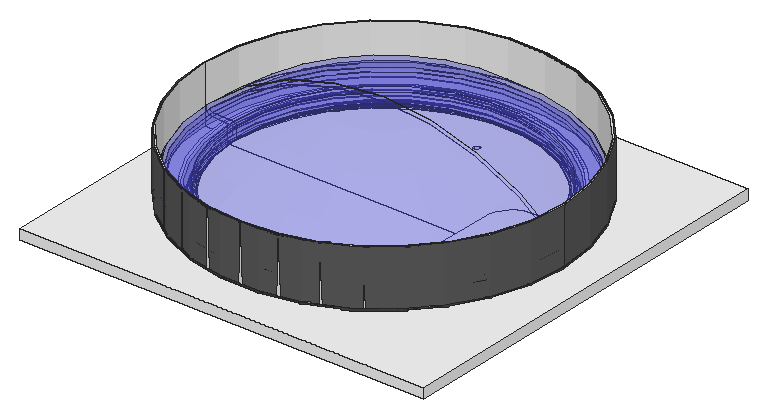
Revit family "BE_51050.2_de_DE", category Leuchten, Revit 2020
Family settings
  Basisbauteil = Fläche
  Bemaßung runder Anschluss = Durchmesser verwenden
  Teiletyp = Normal
  Beim Laden mit Abzugskörper schneiden = Ja
  Lichtquelle = Ja
  Gemeinsam genutzt = Nein
  Raumberechnungspunkt = Ja
Parameters (values of type "BEGA_51050.2_K3")
  built-in parameter 1150104 = 13.971 (stored number, unit not read)
  Wattage = 26.4 W
  Default Elevation = 0 mm
  built-in parameter 1150113 = 1 (stored number, unit not read)
  built-in parameter 1114218 = 1 (stored number, unit not read)
  Umgebungstemperatur = "25 °C"
  URL = "https://www.bega.com/de/produkt/51050.2"
  Typenkommentare = "© 2022 BEGA. Wir behalten uns das Recht vor, technische Änderungen ohne vorherige Ankündigung vorzunehmen."  # constant formula
  built-in parameter 1150134 = (empty or 0)
  built-in parameter 1150109 = 1 (stored number, unit not read)
  Strom = ""
  built-in parameter 1150110 = 1 (stored number, unit not read)
  Spannung = 239.996 V
  Sonderanfertigung = no
  Seriennummer [instance] = "Hier können Sie die eindeutige Seriennummer für das Facility Management eintragen."
  Schutzklasse = "I"
  Schutzart = "IP 20"
  Scheinlast = 0 VA
  Produktdatenblatt = "https://cdn.bega.com/bega/products/51050.2K3/current/documents/data-sheets/de"
  Oberflächentemperatur = ""
  Neigungswinkel = 0.00°
  Modell = "51050.2K3"
  Material_35 = BEGA_Oberfläche_Samtschwarz_matt
  Material_34 = BEGA_Oberfläche_Samtweiss_matt
  Material_22 = BEGA_Oberfläche_Aluminium_matt
  Material_14 = BEGA_Kunststoff_opal
  M_W = no
  M_G = no
  M_A = no
  Logo = 0
  built-in parameter 1114217 = 1 (stored number, unit not read)
  built-in parameter 1150139 = (empty or 0)
  built-in parameter 1150105 = 315.93 (stored number, unit not read)
  built-in parameter 1150114 = 1 (stored number, unit not read)
  Lumens = 3970.03 lm
  built-in parameter 1150115 = 1 (stored number, unit not read)
  Leuchtenlichtstrom = "2754 lm"
  Leuchtenanzahl = ""
  Lebensdauerkriterien = "L70B50 @ 25 °C = 195000 h"
  Lastklassifizierung = Beleuchtung
  built-in parameter 1150112 = 1 (stored number, unit not read)
  Lampenlichtstrom = "3970 lm"
  Lampe = "LED 26.4 W"
  LED_Modulbezeichnung = "LED-0510/930"
  Hersteller = "BEGA"  # constant formula
  Halbstreuwinkel = ""
  Gewicht = "2.35 kg"
  Gebrauchslageneinschränkung [instance] = ""
  Frequenz = "0/50-60 Hz"
  Farbwiedergabeindex = "CRI > 90"
  Farbtemperaturverschiebung bei Dämpfen der Lampe = <Keine Auswahl>
  Farbtemperatur = "3000 K"
  Color Filter = 16777215
  built-in parameter 1150133 = 10 (stored number, unit not read)
  Energieeffizienzklasse = "LED A++ - A"
  built-in parameter 1150137 = (empty or 0)
  built-in parameter 1150132 = (empty or 0)
  ENEC = ""
  Dimmbar [instance] = "DALI"
  Datei für fotometrisches Netz = "BE_51050-2K3.ies"
  CE_Konformität = "ja"
  Bestellnummer = "51050.2K3"
  Beschreibung_Sonderanfertigung = "Hier können Sie Informationen zur Sonderanfertigung eintragen."
  Beschreibung = "Deckenleuchte"
  built-in parameter 1150106 = 3.1593 (stored number, unit not read)
  Befestigungsbohrung = "Ø 5,5 mm"
  Befestigungsabstand = "230 mm"
  Ballwurfsicher = ""
  BEGA_Intern_aus = yes
  BEGA_Intern_an = yes
  BEGA_Intern_Konstruktion = yes
  BEGA_Intern = yes
  BEGA_IES = yes
  BEGA_Dummy = no
  Anschlussleitung = ""
  Anschlussleistung [instance] = "29.4 W"
  Anschlusskasten = ""
  built-in parameter 1150107 = 3000 (stored number, unit not read)
  built-in parameter 1150102 = (empty or 0)
  built-in parameter 1150138 = (empty or 0)
  Aktualisierung = "2022-12-16T04:00:04"
  Abstand_zur_angestrahlten_Fläche [instance] = ""
  AC/DC = "AC/DC"
Reference planes
  plane 1 "Mitte (Vorne/Hinten)": y = 0
  plane 2: z = 0
  plane 3 "Mitte (Links/Rechts)": x = 0
  plane 4 "Links": x = -179.192
  plane 5 "Rechts": x = 179.192
  plane 6 "Unten": y = -179.192
  plane 7 "Oben": y = 179.192
  plane 8 "Vorne": z = 99.046
  plane 9 "Hinten": z = 0
Forms (mm)
  Extrusion 1, solid, material "BEGA_Platte_Weiss"
    sketch origin (0, -1119.2, 0) x (1, 0, 0) y (0, 1, 0)
      loop
        line (-200, 1319.2) -> (-200, 919.2) -> (200, 919.2) -> (200, 1319.2) -> (-200, 1319.2)
    from 0 to -10
  Extrusion 2, solid, material "BEGA_Dummy_matt", visible <- "BEGA_Dummy"
    sketch origin (77.149, -76.023, 0) x (1, 0, 0) y (0, 1, 0)
      loop
        circle (-77.149, 76.023) r 179.192
    from 0 to 99.046
Dimensions and locks
  plane 1 "Mitte (Vorne/Hinten)" to Extrusion 1 = 200 mm
  aligned and locked: Extrusion 1 to plane 2
  aligned and locked: Extrusion 1 to level
Nested families
  nested 1: "BE_51050.2_Leuchte" at (0, 0, 0), type "BE_51050.2_Leuchte"
Connectors
  electrical at (0, 0, 0), driven by "Lastklassifizierung", driven by "Spannung", driven by "Scheinlast"
    settings: index 1, voltage 239.996 V, apparent load 0 VA, apparent load phase1 0 VA, apparent load phase2 0 VA, apparent load phase3 0 VA, power factor 1, load classification "Beleuchtung", number of poles 1, system type 31, power factor state 1, is connector primary yes, connector utility no, sub classification motor no, connector description ""
Definition of nested family "BE_51050.2_Leuchte"
  Parameters (values of type "BE_51050.2_Leuchte")
    Default Elevation = 1 mm
    URL = "http://www.bega.de/de/produkt"
    Type Comments = "© 2015 BEGA. Wir behalten uns das Recht vor, technische Änderungen ohne vorherige Ankündigung vorzunehmen. "  # constant formula
    Type Image = (empty or 0)
    Material_35 = none
    Material_34 = none
    Material_22 = none
    Material_14 = none
    Länge_Platte = 200 mm  # constant formula
    Höhe_Platte = -10 mm  # constant formula
    Manufacturer = "BEGA"  # constant formula
    Breite_Platte = 200 mm  # constant formula
  Reference planes
    plane 1 "Mitte (Oben/Unten)": y = 0
    plane 2: z = 0
    plane 3 "Mitte (Links/Rechts)": x = 0
    plane 4: z = 99.046
    plane 5: z = 0
    plane 6: x = 179.192
    plane 7: x = -179.192
    plane 8: y = 179.192
    plane 9: y = -179.192
  Forms (mm)
    Extrusion 1, solid, detail levels medium
      sketch origin (0, 0, 0) x (1, 0, 0) y (0, 1, 0)
        loop
          line (-100, 100) -> (-100, -100) -> (100, -100) -> (100, 100) -> (-100, 100)
      from 0 to -10 <- "Höhe_Platte"
    Revolve 2, solid, material <- "Material_35"
      sketch origin (0, 0, 0) x (1, 0, 0) y (0, 0, 1)
        loop
          line (179.192, 66.993) -> (178.192, 66.997) -> (178.192, 11.994)
          arc (178.192, 11.994) -> (177.755, 10.939) -> (176.699, 10.501) r 1.493
          line (176.699, 10.501) -> (157.14, 10.501) -> (156.999, 2.422)
          arc (156.999, 2.422) -> (156.55, 1.414) -> (155.526, 1) r 1.474
          line (155.526, 1) -> (152, 1) -> (152, 0) -> (155.5, 0)
          arc (155.5, 0) -> (157.252, 0.717) -> (158, 2.456) r 2.5
          line (158, 2.456) -> (158.123, 9.5) -> (176.5, 9.5)
          arc (176.5, 9.5) -> (178.265, 10.229) -> (179, 11.991) r 2.5
          line (179, 11.991) -> (179.192, 66.993)
        axis (0, 0) -> (0, 66.997)
      angle from 0 to 360
    Revolve 3, solid, material <- "Material_34"
      sketch origin (0, 0, 0) x (1, 0, 0) y (0, 0, 1)
        loop
          arc (156.831, 21) -> (155.565, 20.486) -> (155.025, 19.231) r 1.8
          line (155.025, 19.231) -> (154.767, 4.483)
          arc (154.767, 4.483) -> (154.467, 3.786) -> (153.765, 3.5) r 1
          line (153.765, 3.5) -> (0, 3.5) -> (0, 2.5) -> (153.767, 2.5)
          arc (153.767, 2.5) -> (155.169, 3.073) -> (155.767, 4.465) r 2
          line (155.767, 4.465) -> (156.024, 19.214)
          arc (156.024, 19.214) -> (156.265, 19.772) -> (156.829, 20) r 0.8
          line (156.829, 20) -> (159, 20) -> (159, 21) -> (156.831, 21)
        axis (0, 2.5) -> (0, 21)
      angle from 0 to 360
    Extrusion 4, solid, material <- "Material_34"
      sketch origin (0, 0, 0) x (1, 0, 0) y (0, 1, 0)
        loop
          circle (0, 115) r 7.599
        loop
          circle (0, -115) r 7.599
      from 0 to 2.496
    Extrusion 5, void
      sketch origin (0, 0, 0) x (1, 0, 0) y (0, 1, 0)
        loop
          circle (0, 115) r 2.75
        loop
          circle (0, -115) r 2.75
      from 0 to 3.5
    Extrusion 6, solid, material <- "Material_34"
      sketch origin (0, 0, 0) x (1, 0, 0) y (0, 1, 0)
        loop
          arc (132.763, 31.165) -> (103.397, 51.798) -> (79.523, 25) r 26.977
          line (79.523, 25) -> (79.523, -25)
          arc (79.523, -25) -> (103.397, -51.798) -> (132.763, -31.165) r 26.977
          arc (132.763, -31.165) -> (136.372, 0) -> (132.763, 31.165) r 136.372
      from 0 to 10.372
    Extrusion 7, void
      sketch origin (0, 0, 0) x (1, 0, 0) y (0, 1, 0)
        loop
          circle (115, 20) r 5
        loop
          circle (115, -20) r 5
      from 0 to 10.378
    Revolve 8, solid, material <- "Material_14"
      sketch origin (0, 0, 0) x (1, 0, 0) y (0, 0, 1)
        loop
          line (0, 99) -> (0, 95.002)
          arc (0, 95.002) -> (91.349, 78.078) -> (170.572, 29.553) r 255
          arc (170.572, 29.553) -> (171.135, 27.446) -> (169.438, 26.077) r 2
          line (169.438, 26.077) -> (148.779, 24.994)
          arc (148.779, 24.994) -> (146.42, 24.057) -> (145.1, 21.889) r 4
          line (145.1, 21.889) -> (145.1, 11.674)
          arc (145.1, 11.674) -> (145.499, 10.179) -> (146.589, 9.081) r 3.001
          line (146.589, 9.081) -> (148.759, 7.828)
          arc (148.759, 7.828) -> (149.782, 6.844) -> (150.238, 5.5) r 3.001
          line (150.238, 5.5) -> (154.25, 5.5) -> (154.25, 8.816)
          arc (154.25, 8.816) -> (154.143, 9.216) -> (153.85, 9.509) r 0.8
          line (153.85, 9.509) -> (149.398, 12.079)
          arc (149.398, 12.079) -> (149.106, 12.374) -> (149, 12.775) r 0.8
          line (149, 12.775) -> (149, 17) -> (149, 20.051)
          arc (149, 20.051) -> (149.275, 20.739) -> (149.948, 21.05) r 1
          line (149.948, 21.05) -> (169.545, 22.077)
          arc (169.545, 22.077) -> (174.883, 26.053) -> (173.266, 32.51) r 6
          arc (173.266, 32.51) -> (92.793, 81.807) -> (0, 99) r 258.999
        axis (0, 5.5) -> (0, 99)
      angle from 0 to 360
    Revolve 9, solid, material <- "Material_22"
      sketch origin (0, 0, 0) x (1, 0, 0) y (0, 0, 1)
        loop
          line (178.194, 66.993) -> (177.194, 66.993) -> (177.194, 11.501) -> (156.157, 11.501) -> (155.991, 2) -> (152, 2) -> (152, 1) -> (155.577, 1)
          arc (155.577, 1) -> (156.582, 1.417) -> (156.999, 2.422) r 1.422
          line (156.999, 2.422) -> (157.14, 10.501) -> (176.699, 10.501)
          arc (176.699, 10.501) -> (177.756, 10.939) -> (178.194, 11.996) r 1.494
          line (178.194, 11.996) -> (178.194, 66.993)
        axis (0, 1) -> (0, 66.993)
      angle from 0 to 360
  Cuts and joins
    Extrusion 5, Extrusion 7 cuts Revolve 3
    Extrusion 5, Extrusion 7 cuts Extrusion 4
    Extrusion 7 cuts Extrusion 6
    joined: Revolve 3, Extrusion 4, Extrusion 6
  Dimensions and locks
    equal spacing: Extrusion 1 sketch curve, plane 3 "Mitte (Links/Rechts)", Extrusion 1 sketch curve
    equal spacing: Extrusion 1 sketch curve, plane 1 "Mitte (Oben/Unten)", Extrusion 1 sketch curve
    "Länge_Platte": Extrusion 1 sketch curve to Extrusion 1 sketch curve
    "Breite_Platte": Extrusion 1 sketch curve to Extrusion 1 sketch curve
    plane 1 "Mitte (Oben/Unten)" to Extrusion 1 = 100 mm  (x3)
    locked: plane 5 to level
    aligned and locked: plane 2 to Extrusion 1
    aligned and locked: level to Extrusion 1
  Automatic sketch dimensions
    Revolve 3 sketch curve to Revolve 3 sketch curve = 0 mm  (x12)
    Revolve 3 sketch curve to Revolve 3 sketch curve = 3.057 mm
    Revolve 3 sketch curve to Revolve 3 sketch curve = 0.004 mm
    Revolve 3 sketch curve to Revolve 3 sketch curve = 0.002 mm  (x2)
    Revolve 3 sketch curve to Revolve 3 sketch curve = 2.169 mm
    Revolve 3 sketch curve to Revolve 3 sketch curve = 14.7 mm
    Revolve 3 sketch curve to Revolve 3 sketch curve = 0.8 mm  (x2)
    Revolve 3 sketch curve to Revolve 3 sketch curve = 1 mm  (x4)
    Revolve 3 sketch curve to Revolve 3 sketch curve = 153.767 mm
    level to Revolve 3 sketch curve = 4.483 mm
    level to Revolve 3 sketch curve = 19.231 mm
    Revolve 3 sketch curve to Revolve 3 sketch curve = 1.8 mm
    level to Revolve 3 sketch curve = 4.465 mm
    level to Revolve 3 sketch curve = 19.214 mm
    Revolve 3 sketch curve to plane 3 "Mitte (Links/Rechts)" = 0 mm
    level to Revolve 3 sketch curve = 2.5 mm
    plane 1 "Mitte (Oben/Unten)" to Extrusion 6 sketch curve = 0 mm
    Extrusion 6 sketch curve to plane 3 "Mitte (Links/Rechts)" = 0 mm
    Extrusion 6 sketch curve to plane 1 "Mitte (Oben/Unten)" = 25 mm  (x2)
    plane 3 "Mitte (Links/Rechts)" to Extrusion 6 sketch curve = 106.5 mm
    Extrusion 6 sketch curve to Extrusion 6 sketch curve = 0 mm  (x2)
    plane 1 "Mitte (Oben/Unten)" to Extrusion 6 sketch curve = 25 mm  (x2)
    Extrusion 6 sketch curve to Extrusion 6 sketch curve = 26.977 mm
    Revolve 8 sketch curve to plane 3 "Mitte (Links/Rechts)" = 0.003 mm
    plane 3 "Mitte (Links/Rechts)" to Revolve 8 sketch curve = 0 mm
    level to Revolve 8 sketch curve = 28.069 mm
    Revolve 8 sketch curve to level = 159.999 mm
    Revolve 8 sketch curve to Revolve 8 sketch curve = 0.001 mm
    level to Revolve 8 sketch curve = 95.002 mm
    Revolve 8 sketch curve to Revolve 8 sketch curve = 0.314 mm
    Revolve 8 sketch curve to Revolve 8 sketch curve = 1.34 mm
    Revolve 8 sketch curve to Revolve 8 sketch curve = 2.694 mm
    Revolve 8 sketch curve to Revolve 8 sketch curve = 5.992 mm
    Revolve 8 sketch curve to Revolve 8 sketch curve = 0.003 mm
    Revolve 8 sketch curve to Revolve 8 sketch curve = 0.002 mm
    Revolve 8 sketch curve to Revolve 8 sketch curve = 0.207 mm
    Revolve 8 sketch curve to Revolve 8 sketch curve = 1.99 mm
    level to Revolve 8 sketch curve = 24.994 mm
    Revolve 8 sketch curve to Revolve 8 sketch curve = 20.659 mm
    level to Revolve 8 sketch curve = 21.05 mm
    Revolve 8 sketch curve to Revolve 8 sketch curve = 1.168 mm
    level to Revolve 8 sketch curve = 22.077 mm
    Revolve 8 sketch curve to Revolve 8 sketch curve = 0 mm  (x11)
    Revolve 8 sketch curve to Revolve 8 sketch curve = 0.948 mm
    Revolve 8 sketch curve to Revolve 8 sketch curve = 0.05 mm
    Revolve 8 sketch curve to Revolve 8 sketch curve = 3.9 mm  (x2)
    level to Revolve 8 sketch curve = 20.051 mm
    Revolve 8 sketch curve to Revolve 8 sketch curve = 1 mm
    level to Revolve 8 sketch curve = 17 mm
    Revolve 8 sketch curve to Revolve 8 sketch curve = 5.326 mm
    Revolve 8 sketch curve to Revolve 8 sketch curve = 0.8 mm  (x2)
    Revolve 8 sketch curve to Revolve 8 sketch curve = 4.229 mm
    Revolve 8 sketch curve to Revolve 8 sketch curve = 0.004 mm
    Revolve 8 sketch curve to Revolve 8 sketch curve = 0.398 mm
    level to Revolve 8 sketch curve = 9.509 mm
    Revolve 8 sketch curve to Revolve 8 sketch curve = 4.452 mm
    Revolve 8 sketch curve to Revolve 8 sketch curve = 0.4 mm
    Revolve 8 sketch curve to Revolve 8 sketch curve = 4.009 mm
    Revolve 8 sketch curve to Revolve 8 sketch curve = 0.693 mm
    Revolve 8 sketch curve to Revolve 8 sketch curve = 4.012 mm
    Revolve 8 sketch curve to Revolve 8 sketch curve = 2.99 mm
    Revolve 8 sketch curve to Revolve 8 sketch curve = 0.266 mm
    Revolve 8 sketch curve to Revolve 8 sketch curve = 1.479 mm
    level to Revolve 8 sketch curve = 9.081 mm
    Revolve 8 sketch curve to Revolve 8 sketch curve = 2.171 mm
    Revolve 8 sketch curve to Revolve 8 sketch curve = 1.297 mm
    Revolve 8 sketch curve to Revolve 8 sketch curve = 0.406 mm
    Revolve 8 sketch curve to plane 3 "Mitte (Links/Rechts)" = 0 mm
    Revolve 2 sketch curve to plane 3 "Mitte (Links/Rechts)" = 0 mm
    Revolve 2 sketch curve to level = 0 mm
    Revolve 2 sketch curve to plane 6 = 0 mm
    level to Revolve 2 sketch curve = 1 mm
    Revolve 2 sketch curve to plane 6 = 27.192 mm
    Revolve 2 sketch curve to Revolve 2 sketch curve = 3.5 mm
    Revolve 2 sketch curve to Revolve 2 sketch curve = 0.026 mm  (x2)
    level to Revolve 2 sketch curve = 2.422 mm
    Revolve 2 sketch curve to Revolve 2 sketch curve = 1.473 mm
    Revolve 2 sketch curve to Revolve 2 sketch curve = 0.141 mm
    level to Revolve 2 sketch curve = 9.5 mm
    Revolve 2 sketch curve to Revolve 2 sketch curve = 0.983 mm
    Revolve 2 sketch curve to Revolve 2 sketch curve = 0.199 mm  (x2)
    Revolve 2 sketch curve to Revolve 2 sketch curve = 1.001 mm  (x2)
    Revolve 2 sketch curve to Revolve 2 sketch curve = 1.493 mm
    Revolve 2 sketch curve to Revolve 2 sketch curve = 0.006 mm
    Revolve 2 sketch curve to plane 4 = 32.053 mm
    Revolve 2 sketch curve to Revolve 2 sketch curve = 0.003 mm
    Revolve 2 sketch curve to Revolve 2 sketch curve = 0 mm  (x6)
    level to Revolve 2 sketch curve = 2.456 mm
    Revolve 2 sketch curve to plane 6 = 0.192 mm
    Revolve 2 sketch curve to level = 609.6 mm
    level to Revolve 2 sketch curve = 0 mm
    plane 4 to Revolve 2 sketch curve = 2510.013 mm
    Revolve 2 sketch curve to plane 6 = 1 mm
    Revolve 9 sketch curve to plane 6 = 23.615 mm
    Revolve 9 sketch curve to Revolve 9 sketch curve = 0.415 mm
    level to Revolve 9 sketch curve = 11.501 mm
    Revolve 9 sketch curve to Revolve 9 sketch curve = 0.581 mm
    Revolve 9 sketch curve to Revolve 9 sketch curve = 1.008 mm
    Revolve 9 sketch curve to Revolve 9 sketch curve = 0.983 mm
    Revolve 9 sketch curve to plane 6 = 2.493 mm
    Revolve 9 sketch curve to Revolve 9 sketch curve = 0.494 mm
    Revolve 9 sketch curve to plane 6 = 0.998 mm
    Revolve 9 sketch curve to Revolve 9 sketch curve = 1 mm  (x2)
    Revolve 9 sketch curve to plane 4 = 32.053 mm
    Revolve 9 sketch curve to Revolve 9 sketch curve = 3.577 mm
    level to Revolve 9 sketch curve = 1 mm
